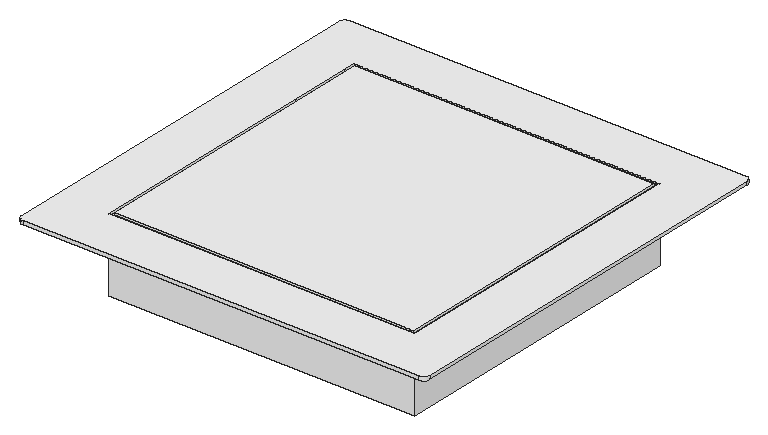
Revit family "Access_Door-Acudor-Universal_Flush-ED-2002_Series", category Specialty Equipment, host Face, Revit 2014
Parameters (values of type "ED-2002 6x6")
  Width = 6"
  URL = "http://acudor.com/"
  Type Comments = ""
  Spanner Head Cam Latch = no
  Screwdriver Operated Cam Latch = yes
  Product Page URL = "https://www.acudor.com/products/flush-acces-doors/ed-2002"
  Product Documentation Link = "https://www.acudor.com/images/acudor/accessdoors/flush/ED2002/ED2002_PS.pdf"
  Model = "ED-2002 6x6"
  Material = "Steel-Acudor-18 Gauge-Alkyd White Enamel"  # constant formula
  Manufacturer = "Acudor"  # constant formula
  Length = 1 7/16"  # constant formula
  Latch 2 Height = if(Latch 1, 1/4", 1")  # 1/4"
  Latch 2 = not(Latch 1)  # no
  Latch Height = if(Latch 1, 1", 1/4")  # 1"
  Latch 1 = yes
  Installation Type = "Wall Mounted"  # constant formula
  Height = 6"
  Finish = Steel-Acudor-18 Gauge-Alkyd White Enamel
  Description = "Universal Flush"  # constant formula
  Default Elevation = 48"
  Cylinder Lock = yes
  Assembly Code = "C1020700"
  Allen Head Cam Latch = no
Types (11): name | Width | Model | Latch 2 Height | Latch 2 | Latch Height | Latch 1 | Height
  (no name) | 6" | "ED-2002 6x6" | 1/4" | no | 1" | yes | 6"
  ED-2002 8x8 | 8" | "ED-2002 8x8" | 1/4" | no | 1" | yes | 8"
  ED-2002 12x12 | 12" | "ED-2002 12x12" | 1/4" | no | 1" | yes | 12"
  ED-2002 16x16 | 16" | "ED-2002 16x16" | 1/4" | no | 1" | yes | 16"
  ED-2002 18x18 | 18" | "ED-2002 18x18" | 1/4" | no | 1" | yes | 18"
  ED-2002 24x24 | 24" | "ED-2002 24x24" | 1/4" | no | 1" | yes | 24"
  ED-2002 24x36 | 24" | "ED-2002 24x36" | 1" | yes | 1/4" | no | 36"
  ED-2002 6x6 | 6" | "ED-2002 6x6" | 1/4" | no | 1" | yes | 6"
  ED-2002 10x10 | 10" | "ED-2002 10x10" | 1/4" | no | 1" | yes | 10"
  ED-2002 14x14 | 14" | "ED-2002 14x14" | 1/4" | no | 1" | yes | 14"
  ED-2002 20x20 | 20" | "ED-2002 20x20" | 1/4" | no | 1" | yes | 20"
Reference planes (in)
  plane 1 "Center (Front/Back)": y = 0
  plane 2: z = 0
  plane 3 "Center (Left/Right)": x = 0
  plane 4: y = 4
  plane 5: y = -4
  plane 6: x = 4
  plane 7: x = -4
  plane 8: y = 3
  plane 9: y = -3
  plane 10: x = 3
  plane 11: x = -3
  plane 12: x = 1.91643
  plane 13: z = -1.375
  plane 14: z = 0.0625
  plane 15: z = 0.23161
  plane 16: y = 1.5
  plane 17: y = -1.5
Forms (in)
  Sweep 1, solid, material "Steel-Acudor-18 Gauge-Alkyd White Enamel" <- "Finish"
    path origin (0, 0, 0) x (1, 0, 0) y (0, 1, 0)
      loop
        line (-3, 3) -> (-3, -3) -> (3, -3) -> (3, 3) -> (-3, 3)
    profile origin (0, 3, 0) x (0, 1, 0) y (0, 0, 1)
      loop
        line (-1.56104, -1.375) -> (0, -1.375) -> (0, 0) -> (1, 0) -> (1, 0.0625) -> (0, 0.0625) -> (0, 0.03108) -> (-0.06104, 0.03108) -> (-0.06104, 0.0625) -> (-1.56104, 0.0625) -> (-1.56104, -1.375)
  Extrusion 2, void
    sketch origin (0, 0, 0) x (1, 0, 0) y (0, 1, 0)
      loop
        line (-4, 4) -> (-4, 3.875)
        arc (-4, 3.875) -> (-3.96339, 3.96339) -> (-3.875, 4) r 0.125
        line (-3.875, 4) -> (-4, 4)
      loop
        line (4, 4) -> (3.875, 4)
        arc (3.875, 4) -> (3.96339, 3.96339) -> (4, 3.875) r 0.125
        line (4, 3.875) -> (4, 4)
      loop
        line (-4, -4) -> (-3.875, -4)
        arc (-3.875, -4) -> (-3.96339, -3.96339) -> (-4, -3.875) r 0.125
        line (-4, -3.875) -> (-4, -4)
      loop
        line (4, -4) -> (4, -3.875)
        arc (4, -3.875) -> (3.96339, -3.96339) -> (3.875, -4) r 0.125
        line (3.875, -4) -> (4, -4)
    from 0 to 0.0625
  Extrusion 3, solid, material "Steel-Acudor-18 Gauge-Alkyd White Enamel" <- "Finish"
    sketch origin (0, 0, 0) x (1, 0, 0) y (0, 1, 0)
      loop
        line (-1.43896, 1.43896) -> (-1.43896, -1.43896) -> (1.43896, -1.43896) -> (1.43896, 1.43896) -> (-1.43896, 1.43896)
    from -1.375 to 0.0625
Cuts and joins
  Extrusion 2 cuts Sweep 1
  joined: Sweep 1, Extrusion 3
Lines and regions (in)
  Masking region 1
    outline origin (0, 0, 0) x (1, 0, 0) y (0, 0, 1)
      loop
        line (3, -1.375) -> (3, 0) -> (4, 0) -> (4, 0.0625) -> (-4, 0.0625) -> (-4, 0) -> (-3, 0) -> (-3, -1.375) -> (3, -1.375)
  symbolic lines, detail levels medium+fine
    curve 1: line (2.26875, 0, 0.0625) -> (1.56412, 0, 0.0625)
    curve 2: line (3, 0, 0) -> (-3, 0, 0)
  model lines, visible <- "Latch 2"
    curve 3: circle (1.91643, 1.5, 0.0625) r 0.25 normal (0, 0, 1)
    curve 5: circle (1.91643, -1.5, 0.0625) r 0.25 normal (0, 0, 1)
    curve 6: circle (1.91643, 1.62837, 0.0625) r 0.03534 normal (0, 0, 1)
    curve 7: circle (1.91643, 1.37163, 0.0625) r 0.03534 normal (0, 0, -1)
    curve 10: circle (1.91643, -1.37163, 0.0625) r 0.03534 normal (0, 0, 1)
    curve 11: circle (1.91643, -1.62837, 0.0625) r 0.03534 normal (0, 0, -1)
  model lines, visible <- "Latch 1"
    curve 4: circle (1.91643, 0, 0.0625) r 0.25 normal (0, 0, 1)
    curve 8: circle (1.91643, 0.12837, 0.0625) r 0.03534 normal (0, 0, 1)
    curve 9: circle (1.91643, -0.12837, 0.0625) r 0.03534 normal (0, 0, -1)
Dimensions and locks (in)
  "Height": plane 8 to plane 9
  equal spacing: plane 11, plane 3 "Center (Left/Right)", plane 10
  "Width": plane 11 to plane 10
  locked: plane 4 to plane 8 at 1
  locked: plane 5 to plane 9 at 1
  locked: plane 7 to plane 11 at 1
  locked: plane 10 to plane 6 at 1
  locked: plane 12 to plane 10 at 1.08357
  locked: plane 14 to level at 0.0625
  "Length": plane 14 to plane 13
  locked: Sweep 1 sketch curve to plane 14 at 0.03142
  locked: plane 8 to Sweep 1 sketch curve at 0.06104
  locked: plane 14 to plane 15 at 0.16911
  equal spacing: plane 8, plane 16, plane 1 "Center (Front/Back)", plane 17, plane 9
  locked: plane 8 to Sweep 1 sketch curve at 1.56104
  equal spacing: curve 6, plane 16, curve 7
  locked: curve 6 to curve 7 at 0.25674
  equal spacing: curve 9, plane 1 "Center (Front/Back)", curve 8
  locked: curve 8 to curve 9 at 0.25674
  equal spacing: curve 11, plane 17, curve 10
  locked: curve 10 to curve 11 at 0.25674
  radius of Extrusion 2 sketch curve = 1/8"  (x4)
  diameter of curve 3 = 1/2"
  diameter of curve 4 = 1/2"
  diameter of curve 5 = 1/2"
  diameter of curve 7 = 0.07069"
  diameter of curve 6 = 0.07069"
  diameter of curve 9 = 0.07069"
  diameter of curve 8 = 0.07069"
  diameter of curve 10 = 0.07069"
  diameter of curve 11 = 0.07069"
  aligned and locked: plane 2 to host face
  aligned and locked: level to host face
  aligned and locked: Sweep 1 sketch curve to plane 8  (x2)
  aligned and locked: Sweep 1 sketch curve to plane 11
  aligned and locked: Sweep 1 sketch curve to plane 9
  aligned and locked: Sweep 1 sketch curve to plane 10
  aligned and locked: plane 13 to Sweep 1 sketch curve
  aligned and locked: level to Masking region 1 sketch curve
  aligned and locked: Masking region 1 sketch curve to plane 10
  aligned and locked: Masking region 1 sketch curve to plane 13
  aligned and locked: plane 11 to Masking region 1 sketch curve
  aligned and locked: Masking region 1 sketch curve to level
  aligned and locked: Masking region 1 sketch curve to plane 14
  aligned and locked: plane 11 to curve 2
  aligned and locked: plane 10 to curve 2
  aligned and locked: curve 2 to level
  aligned and locked: curve 1 to plane 14
  aligned and locked: Sweep 1 sketch curve to plane 14  (x2)
  aligned and locked: Sweep 1 sketch curve to plane 4
  aligned and locked: plane 2 to Sweep 1 sketch curve
  aligned and locked: plane 8 to Sweep 1 sketch curve
  aligned and locked: Extrusion 2 sketch curve to plane 7
  aligned and locked: plane 5 to Extrusion 2 sketch curve
  aligned and locked: Extrusion 2 sketch curve to plane 5
  aligned and locked: plane 6 to Extrusion 2 sketch curve
  aligned and locked: Extrusion 2 sketch curve to plane 6
  aligned and locked: plane 4 to Extrusion 2 sketch curve
  aligned and locked: plane 7 to Extrusion 2 sketch curve
  aligned and locked: Extrusion 2 sketch curve to plane 4
  aligned and locked: Extrusion 2 to level
  aligned and locked: Extrusion 2 to Sweep 1
  aligned and locked: plane 7 to Masking region 1 sketch curve
  aligned and locked: Masking region 1 sketch curve to plane 6
  aligned and locked: Extrusion 3 sketch curve to cut or joined group of Sweep 1, Extrusion 2, Extrusion 3  (x4)
  aligned and locked: cut or joined group of Sweep 1, Extrusion 2, Extrusion 3 to Extrusion 3  (x2)
  aligned and locked: plane 12 to curve 3
  aligned and locked: plane 12 to curve 4
  aligned and locked: plane 12 to curve 5
  aligned and locked: plane 17 to curve 5
  aligned and locked: plane 1 "Center (Front/Back)" to curve 4
  aligned and locked: plane 16 to curve 3
  aligned and locked: plane 12 to curve 11
  aligned and locked: plane 12 to curve 10
  aligned and locked: plane 12 to curve 9
  aligned and locked: plane 12 to curve 8
  aligned and locked: plane 12 to curve 7
  aligned and locked: plane 12 to curve 6
Automatic sketch dimensions
  host sketch curve to host sketch curve = 96"  (x2)
  curve 1 to plane 12 = 0.35232"
  plane 12 to curve 1 = 0.35232"
